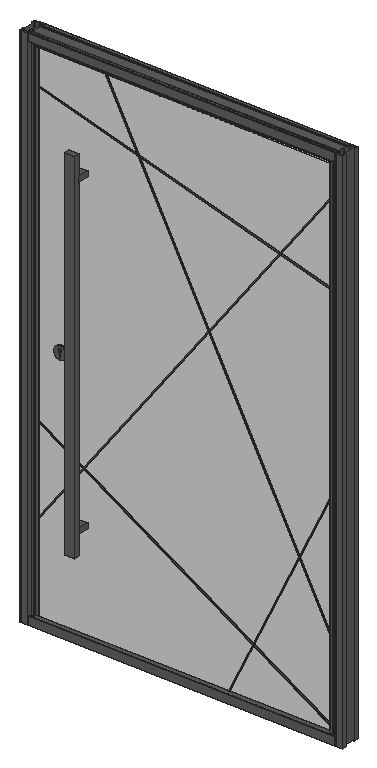
Revit family "YC1321P C2 GG RH", category Doors, host Wall, Revit 2024
Family settings
  Host = Wall
  OmniClass Number = 23.30.10.00
  OmniClass Title = Doors
  Always vertical = Yes
  Cut with Voids When Loaded = No
  Shared = No
  Room Calculation Point = No
Parameters
  Function = Interior
  Frame Projection Ext. = 25 mm
  Frame Projection Int. = 25 mm
  Frame Width = 75 mm
  Height = 2120 mm
  Wall Closure = By host
  Width = 1290 mm
  Analytic Construction = "<None>"
Reference planes
  plane 1: y = 0
  plane 2 "Center (Left/Right)": x = 0
  plane 3 "Left": x = -645
  plane 4 "Right": x = 645
  plane 5: z = 2120
  plane 6 "Exterior": y = 75
  plane 7 "Interior": y = -75
  plane 8: z = 33.5
Forms (mm)
  Sweep 1, solid, material "ALUMINIUM BLACK (TEST)"
    path origin (0, 75, 0) x (1, 0, 0) y (0, 0, 1)
      loop
        line (-601.2, 30) -> (-601.2, 2075) -> (600, 2075) -> (600, 30)
    profile origin (-0.6, 75, 2075) x (0, 0, 1) y (0, -1, 0)
      loop
        line (15, 55) -> (2.8, 55) -> (2.8, 61.5) -> (0.5, 61.5) -> (0.5, 88.5) -> (2.8, 88.5) -> (2.8, 95) -> (15, 95) -> (15, 97) -> (-0.5, 97)
        arc (-0.5, 97) -> (-1.207, 96.707) -> (-1.5, 96) r 1
        line (-1.5, 96) -> (-1.5, 93.9) -> (-0.5, 93.9) -> (-0.5, 95) -> (1, 95) -> (1, 90.5) -> (-0.5, 90.5) -> (-0.5, 91.631) -> (-1.5, 91.631) -> (-1.5, 58.369) -> (-0.5, 58.369) -> (-0.5, 59.5) -> (1, 59.5) -> (1, 55) -> (-0.5, 55) -> (-0.5, 56.1) -> (-1.5, 56.1) -> (-1.5, 54)
        arc (-1.5, 54) -> (-1.207, 53.293) -> (-0.5, 53) r 1
        line (-0.5, 53) -> (15, 53) -> (15, 55)
  Extrusion 2, solid, material "ALUMINIUM BLACK (TEST)"
    sketch origin (0, 0, 0) x (0, 1, 0) y (0, 0, 1)
      loop
        line (37.5, 2120) -> (22, 2120) -> (22, 2118.5) -> (24.5, 2118.5) -> (24.5, 2115.5) -> (-24.5, 2115.5) -> (-24.5, 2118.5) -> (-22, 2118.5) -> (-22, 2120) -> (-37.5, 2120) -> (-37.5, 2090) -> (-4.189, 2090) -> (7.651, 2090) -> (37.5, 2090) -> (37.5, 2120)
      loop
        line (32.168, 2118.2) -> (30.896, 2116.928) -> (29.5, 2118.324) -> (28, 2116.824) -> (26.3, 2118.524) -> (26.3, 2115.8)
        arc (26.3, 2115.8) -> (25.685, 2114.315) -> (24.2, 2113.7) r 2.1
        line (24.2, 2113.7) -> (-24.2, 2113.7)
        arc (-24.2, 2113.7) -> (-25.685, 2114.315) -> (-26.3, 2115.8) r 2.1
        line (-26.3, 2115.8) -> (-26.3, 2118.524) -> (-28, 2116.824) -> (-29.5, 2118.324) -> (-30.896, 2116.928) -> (-32.168, 2118.2) -> (-35.6, 2118.2) -> (-35.6, 2091.8) -> (-32.168, 2091.8) -> (-30.896, 2093.072) -> (-29.5, 2091.676) -> (-28, 2093.176) -> (-26.624, 2091.8) -> (-19.438, 2091.8) -> (26.624, 2091.8) -> (28, 2093.176) -> (29.5, 2091.676) -> (30.896, 2093.072) -> (32.168, 2091.8) -> (35.6, 2091.8) -> (35.6, 2118.2) -> (32.168, 2118.2)
      loop
        line (37.5, 0) -> (37.5, 30) -> (7.651, 30) -> (-4.189, 30) -> (-37.5, 30) -> (-37.5, 0) -> (-22, 0) -> (-22, 1.5) -> (-24.5, 1.5) -> (-24.5, 4.5) -> (24.5, 4.5) -> (24.5, 1.5) -> (22, 1.5) -> (22, 0) -> (37.5, 0)
      loop
        line (32.168, 1.8) -> (35.6, 1.8) -> (35.6, 28.2) -> (32.168, 28.2) -> (30.896, 26.928) -> (29.5, 28.324) -> (28, 26.824) -> (26.624, 28.2) -> (-19.438, 28.2) -> (-26.624, 28.2) -> (-28, 26.824) -> (-29.5, 28.324) -> (-30.896, 26.928) -> (-32.168, 28.2) -> (-35.6, 28.2) -> (-35.6, 1.8) -> (-32.168, 1.8) -> (-30.896, 3.072) -> (-29.5, 1.676) -> (-28, 3.176) -> (-26.3, 1.476) -> (-26.3, 4.2)
        arc (-26.3, 4.2) -> (-25.685, 5.685) -> (-24.2, 6.3) r 2.1
        line (-24.2, 6.3) -> (24.2, 6.3)
        arc (24.2, 6.3) -> (25.685, 5.685) -> (26.3, 4.2) r 2.1
        line (26.3, 4.2) -> (26.3, 1.476) -> (28, 3.176) -> (29.5, 1.676) -> (30.896, 3.072) -> (32.168, 1.8)
    from -615 to 615
  Extrusion 3, solid, material "ALUMINIUM BLACK (TEST)"
    sketch origin (0, 0, 30) x (1, 0, 0) y (0, 1, 0)
      loop
        arc (598.5, 21) -> (597.5, 22) -> (596.5, 21) r 1
        line (596.5, 21) -> (596.5, -21.179)
        arc (596.5, -21.179) -> (596.26, -21.76) -> (595.679, -22) r 0.821
        line (595.679, -22) -> (584.5, -22)
        arc (584.5, -22) -> (583.5, -23) -> (584.5, -24) r 1
        line (584.5, -24) -> (597.679, -24)
        arc (597.679, -24) -> (598.26, -23.76) -> (598.5, -23.179) r 0.821
        line (598.5, -23.179) -> (598.5, 21)
      loop
        arc (-599.7, -21) -> (-598.7, -22) -> (-597.7, -21) r 1
        line (-597.7, -21) -> (-597.7, 21.179)
        arc (-597.7, 21.179) -> (-597.459, 21.76) -> (-596.879, 22) r 0.821
        line (-596.879, 22) -> (-585.7, 22)
        arc (-585.7, 22) -> (-584.7, 23) -> (-585.7, 24) r 1
        line (-585.7, 24) -> (-598.879, 24)
        arc (-598.879, 24) -> (-599.459, 23.76) -> (-599.7, 23.179) r 0.821
        line (-599.7, 23.179) -> (-599.7, -21)
    from 0 to 2043.5
  Extrusion 4, solid, material "ALUMINIUM BLACK (TEST)"
    sketch origin (-25, 22, 130) x (1, 0, 0) y (0, 0, 1)
      loop
        line (620, 1939) -> (608, 1939) -> (608, -94) -> (620, -94) -> (620, 1939)
      loop
        line (-570, 1939) -> (-570, -94) -> (-558, -94) -> (-558, 1939) -> (-570, 1939)
    from 0 to 44
  Extrusion 5, solid, material "ALUMINIUM (METALLIC GREY TEST)"
    sketch origin (-25, 22, 130) x (1, 0, 0) y (0, 0, 1)
      loop
        line (608, 1939) -> (-558, 1939) -> (-558, -94) -> (608, -94) -> (608, 1939)
    from 0 to 4
  Extrusion 6, solid, material "ALUMINIUM BLACK (TEST)"
    sketch origin (-25, 22.873, 130) x (1, 0, 0) y (0, 0, 1)
      loop
        line (608, 250.74) -> (608, 259.26) -> (-285.134, 1939) -> (-289.664, 1939) -> (608, 250.74)
    from 0 to 0.873
  Extrusion 7, solid, material "ALUMINIUM BLACK (TEST)"
    sketch origin (1203.467, 22.873, 1667.12) x (-0.422618, 0, 0.906308) y (-0.906308, 0, -0.422618)
      loop
        line (501.698, 450.664) -> (507.722, 447.855) -> (-401.866, 2158.542) -> (-407.89, 2161.351) -> (501.698, 450.664)
    from 0 to 0.873
  Extrusion 8, solid, material "ALUMINIUM BLACK (TEST)"
    sketch origin (557.966, 22.873, -684.637) x (0.848048, 0, 0.529919) y (-0.529919, 0, 0.848048)
      loop
        line (414.087, 615.437) -> (416.535, 619.354) -> (-215.553, 1808.137) -> (-218, 1804.221) -> (414.087, 615.437)
    from 0 to 0.873
  Extrusion 9, solid, material "ALUMINIUM BLACK (TEST)"
    sketch origin (-648.998, 22.873, -166.515) x (0.587785, 0, -0.809017) y (0.809017, 0, 0.587785)
      loop
        line (322.274, 788.112) -> (324.89, 791.712) -> (-104.049, 1598.429) -> (-111.431, 1603.792) -> (322.274, 788.112)
    from 0 to 0.873
  Extrusion 10, solid, material "ALUMINIUM (METALLIC GREY TEST)"
    sketch origin (-25, -22, 130) x (1, 0, 0) y (0, 0, -1)
      loop
        line (608, -1939) -> (608, 94) -> (-558, 94) -> (-558, -1939) -> (608, -1939)
    from 0 to 4
  Extrusion 11, solid, material "ALUMINIUM BLACK (TEST)"
    sketch origin (-25, -22.873, 130) x (1, 0, 0) y (0, 0, -1)
      loop
        line (608, -250.74) -> (-289.664, -1939) -> (-285.134, -1939) -> (608, -259.26) -> (608, -250.74)
    from 0 to 0.873
  Extrusion 12, solid, material "ALUMINIUM BLACK (TEST)"
    sketch origin (1203.467, -22.873, 1667.12) x (-0.422618, 0, 0.906308) y (0.906308, 0, 0.422618)
      loop
        line (501.698, -450.664) -> (-407.89, -2161.351) -> (-401.866, -2158.542) -> (507.722, -447.855) -> (501.698, -450.664)
    from 0 to 0.873
  Extrusion 13, solid, material "ALUMINIUM BLACK (TEST)"
    sketch origin (557.966, -22.873, -684.637) x (0.848048, 0, 0.529919) y (0.529919, 0, -0.848048)
      loop
        line (414.087, -615.437) -> (-218, -1804.221) -> (-215.553, -1808.137) -> (416.535, -619.354) -> (414.087, -615.437)
    from 0 to 0.873
  Extrusion 14, solid, material "ALUMINIUM BLACK (TEST)"
    sketch origin (-648.998, -22.873, -166.515) x (0.587785, 0, -0.809017) y (-0.809017, 0, -0.587785)
      loop
        line (322.274, -788.112) -> (-111.431, -1603.792) -> (-104.049, -1598.429) -> (324.89, -791.712) -> (322.274, -788.112)
    from 0 to 0.873
  Extrusion 15, solid, material "ALUMINIUM BLACK (TEST)"
    sketch origin (885.466, 22.873, 859.37) x (0.681998, 0, 0.731354) y (-0.731354, 0, 0.681998)
      loop
        line (348.584, 738.63) -> (351.613, 741.454) -> (-215.101, 1807.289) -> (-218.13, 1804.465) -> (348.584, 738.63)
    from 0 to 0.873
  Extrusion 16, solid, material "ALUMINIUM BLACK (TEST)"
    sketch origin (405.722, 27.873, -123.123) x (1, 0, 0) y (0, 0, 1)
      loop
        circle (-896.954, 1135.623) r 25
    from 0 to 5
  Extrusion 17, solid, material "ALUMINIUM BLACK (TEST)"
    sketch origin (405.722, -27.873, -123.123) x (1, 0, 0) y (0, 0, -1)
      loop
        circle (-896.954, -1135.623) r 25
    from 0 to 5
  Extrusion 18, solid, material "ALUMINIUM BLACK (TEST)"
    sketch origin (-1264.348, 72.873, -21.123) x (-1, 0, 0) y (0, 0, -1)
      loop
        line (-878.538, -1720) -> (-838.538, -1720) -> (-838.538, -1700) -> (-878.538, -1700) -> (-878.538, -1720)
      loop
        line (-878.538, -440) -> (-878.538, -460) -> (-838.538, -460) -> (-838.538, -440) -> (-878.538, -440)
    from 5 to 50
  Extrusion 19, solid, material "ALUMINIUM BLACK (TEST)"
    sketch origin (14.789, 87.873, 223.877) x (1, 0, 0) y (0, 0, 1)
      loop
        line (-400.6, 115) -> (-400.6, 1555) -> (-440.6, 1555) -> (-440.6, 115) -> (-400.6, 115)
    from 0 to 20
  Extrusion 20, solid, material "ALUMINIUM BLACK (TEST)"
    sketch origin (-1264.348, -72.873, -21.123) x (-1, 0, 0) y (0, 0, 1)
      loop
        line (-878.538, 1720) -> (-878.538, 1700) -> (-838.538, 1700) -> (-838.538, 1720) -> (-878.538, 1720)
      loop
        line (-878.538, 440) -> (-838.538, 440) -> (-838.538, 460) -> (-878.538, 460) -> (-878.538, 440)
    from 5 to 50
  Extrusion 21, solid, material "ALUMINIUM BLACK (TEST)"
    sketch origin (14.789, -87.873, 223.877) x (1, 0, 0) y (0, 0, -1)
      loop
        line (-400.6, -115) -> (-440.6, -115) -> (-440.6, -1555) -> (-400.6, -1555) -> (-400.6, -115)
    from 0 to 20
  Extrusion 22, void
    sketch origin (140.5, 67.873, -123.123) x (1, 0, 0) y (0, 0, 1)
      loop
        arc (-634.732, 1122.18) -> (-631.732, 1119.18) -> (-628.732, 1122.18) r 3
        line (-628.732, 1122.18) -> (-628.732, 1136.773)
        arc (-628.732, 1136.773) -> (-631.732, 1150.865) -> (-634.732, 1136.773) r 7.365
        line (-634.732, 1136.773) -> (-634.732, 1122.18)
    from 40 to 45
  Extrusion 23, solid, material "ALUMINIUM BLACK (TEST)"
    sketch origin (885.466, -22.873, 859.37) x (0.681998, 0, 0.731354) y (0.731354, 0, -0.681998)
      loop
        line (348.584, -738.63) -> (-218.13, -1804.465) -> (-215.101, -1807.289) -> (351.613, -741.454) -> (348.584, -738.63)
    from 0 to 0.873
  Extrusion 24, void
    sketch origin (140.5, -67.873, -123.123) x (1, 0, 0) y (0, 0, -1)
      loop
        line (-634.732, -1122.18) -> (-634.732, -1136.773)
        arc (-634.732, -1136.773) -> (-631.732, -1150.865) -> (-628.732, -1136.773) r 7.365
        line (-628.732, -1136.773) -> (-628.732, -1122.18)
        arc (-628.732, -1122.18) -> (-631.732, -1119.18) -> (-634.732, -1122.18) r 3
    from 40 to 45
  Extrusion 25, solid, material "ALUMINIUM BLACK (TEST)"
    sketch origin (0, 0, 0) x (1, 0, 0) y (0, 1, 0)
      loop
        line (-645, 37.5) -> (-645, 22) -> (-643.5, 22) -> (-643.5, 24.5) -> (-640.5, 24.5) -> (-640.5, -24.5) -> (-643.5, -24.5) -> (-643.5, -22) -> (-645, -22) -> (-645, -37.5) -> (-615, -37.5) -> (-615, -17) -> (-615.993, -17) -> (-616.394, -18.496) -> (-617.6, -18.496) -> (-617.6, -0.254) -> (-616.306, -0.254) -> (-616.066, -3) -> (-615, -3) -> (-615, 37.5) -> (-645, 37.5)
      loop
        line (-616.8, 26.624) -> (-618.176, 28) -> (-616.676, 29.5) -> (-618.072, 30.896) -> (-616.8, 32.168) -> (-616.8, 35.6) -> (-643.2, 35.6) -> (-643.2, 32.168) -> (-641.928, 30.896) -> (-643.324, 29.5) -> (-641.824, 28) -> (-643.524, 26.3) -> (-640.8, 26.3)
        arc (-640.8, 26.3) -> (-639.315, 25.685) -> (-638.7, 24.2) r 2.1
        line (-638.7, 24.2) -> (-638.7, -24.2)
        arc (-638.7, -24.2) -> (-639.315, -25.685) -> (-640.8, -26.3) r 2.1
        line (-640.8, -26.3) -> (-643.524, -26.3) -> (-641.824, -28) -> (-643.324, -29.5) -> (-641.928, -30.896) -> (-643.2, -32.168) -> (-643.2, -35.6) -> (-616.8, -35.6) -> (-616.8, -32.168) -> (-618.072, -30.896) -> (-616.676, -29.5) -> (-618.176, -28) -> (-616.8, -26.624) -> (-616.8, -20.239)
        arc (-616.8, -20.239) -> (-618.596, -19.852) -> (-619.4, -18.2) r 2.1
        line (-619.4, -18.2) -> (-619.4, -0.55)
        arc (-619.4, -0.55) -> (-618.596, 1.102) -> (-616.8, 1.49) r 2.1
        line (-616.8, 1.49) -> (-616.8, 26.624)
      loop
        line (645, 37.5) -> (615, 37.5) -> (615, -3) -> (616.066, -3) -> (616.306, -0.254) -> (617.6, -0.254) -> (617.6, -18.496) -> (616.394, -18.496) -> (615.993, -17) -> (615, -17) -> (615, -37.5) -> (645, -37.5) -> (645, -22) -> (643.5, -22) -> (643.5, -24.5) -> (640.5, -24.5) -> (640.5, 24.5) -> (643.5, 24.5) -> (643.5, 22) -> (645, 22) -> (645, 37.5)
      loop
        line (616.8, 26.624) -> (616.8, 1.49)
        arc (616.8, 1.49) -> (618.596, 1.102) -> (619.4, -0.55) r 2.1
        line (619.4, -0.55) -> (619.4, -18.2)
        arc (619.4, -18.2) -> (618.596, -19.852) -> (616.8, -20.239) r 2.1
        line (616.8, -20.239) -> (616.8, -26.624) -> (618.176, -28) -> (616.676, -29.5) -> (618.072, -30.896) -> (616.8, -32.168) -> (616.8, -35.6) -> (643.2, -35.6) -> (643.2, -32.168) -> (641.928, -30.896) -> (643.324, -29.5) -> (641.824, -28) -> (643.524, -26.3) -> (640.8, -26.3)
        arc (640.8, -26.3) -> (639.315, -25.685) -> (638.7, -24.2) r 2.1
        line (638.7, -24.2) -> (638.7, 24.2)
        arc (638.7, 24.2) -> (639.315, 25.685) -> (640.8, 26.3) r 2.1
        line (640.8, 26.3) -> (643.524, 26.3) -> (641.824, 28) -> (643.324, 29.5) -> (641.928, 30.896) -> (643.2, 32.168) -> (643.2, 35.6) -> (616.8, 35.6) -> (616.8, 32.168) -> (618.072, 30.896) -> (616.676, 29.5) -> (618.176, 28) -> (616.8, 26.624)
    from 0 to 2120
Cuts and joins
  Extrusion 22 cuts Extrusion 5
  Extrusion 22 cuts Extrusion 4
  Extrusion 22, Extrusion 24 cuts Extrusion 16
  Extrusion 24 cuts Extrusion 17
Lines and regions (mm)
  Opening 1
    outline origin (-3050, -75, 0) x (1, 0, 0) y (0, 0, 1)
      loop
        line (2405, 0) -> (3695, 0) -> (3695, 2120) -> (2405, 2120) -> (2405, 0)
  model lines
    curve 1: line (-602.851, 22.5, 0) -> (602.851, 22.5, 0)
    curve 2: line (-603, -13, 0) -> (603, -13, 0)
    curve 8: line (300, -22.5, 0) -> (300, -925.5, 0)
    curve 9: arc (-603, -22.5, 0) -> (-338.517, -661.017, 0) -> (300, -925.5, 0) r 903
    curve 10: line (300, 13, 0) -> (300, 316, 0)
    curve 11: arc (300, 316, 0) -> (514.253, 227.253, 0) -> (603, 13, 0) r 303
  symbolic lines, style "Elevation Swing"
    curve 3: line (-645, -75, 1060) -> (300, -75, 2078)
    curve 4: line (-645, -75, 1060) -> (300, -75, 0)
    curve 5: line (603, -75, 1045) -> (300, -75, 2078)
    curve 6: line (603, -75, 1045) -> (300, -75, 0)
  model lines, style "Elevation Swing"
    curve 7: line (300, 0, 0) -> (300, 0, 2078)
Text (mm)
  text "Exterior" at (-2295.016, 1099.543, 0), in view "Ref. Level"
  text "Exterior" at (0, 1615.38, 3698.081), in view "Left"
  text "Exterior" at (0, 1036.032, 3874.932), in view "Right"
Dimensions and locks
  equal spacing: plane 3 "Left", plane 2 "Center (Left/Right)", plane 4 "Right"
  "Width": plane 3 "Left" to plane 4 "Right"
  "Height": plane 5 to host wall
  host wall to plane 5 = 2120 mm  (x2)
  locked: plane 6 "Exterior" to host wall
  locked: plane 7 "Interior" to host wall
  plane 3 "Left" to plane 4 "Right" = 1290 mm  (x2)
  aligned and locked: plane 3 "Left" to Opening 1 sketch curve
  aligned and locked: plane 5 to Opening 1 sketch curve  (x2)
  aligned and locked: Opening 1 sketch curve to plane 4 "Right"
  aligned and locked: Opening 1 sketch curve to level
  aligned and locked: plane 1 to host wall
Automatic sketch dimensions
  curve 7 to level = 0 mm
  plane 5 to curve 7 = 42 mm
  plane 2 "Center (Left/Right)" to curve 7 = 300 mm
  plane 3 "Left" to curve 4 = 0 mm
  curve 4 to level = 0 mm
  plane 2 "Center (Left/Right)" to curve 4 = 300 mm
  plane 5 to curve 5 = 42 mm
  plane 2 "Center (Left/Right)" to curve 5 = 300 mm
  plane 4 "Right" to curve 6 = 42 mm
  plane 8 to curve 5 = 1011.5 mm
  plane 8 to curve 4 = 1026.5 mm
  plane 2 "Center (Left/Right)" to curve 8 = 300 mm
  host wall to curve 10 = 241 mm
  plane 2 "Center (Left/Right)" to curve 10 = 300 mm
  host wall to curve 9 = 22.5 mm
  host wall to curve 8 = 850.5 mm
  curve 11 to host wall = 13 mm
  curve 2 to curve 9 = 0 mm
  curve 2 to curve 1 = 0.149 mm
  curve 1 to curve 11 = 0.149 mm
  host wall to curve 2 = 13 mm
  curve 2 to curve 11 = 0 mm
  curve 8 to curve 9 = 0 mm
  curve 10 to curve 11 = 0 mm
  Sweep 1 sketch curve to plane 3 "Left" = 43.8 mm
  plane 4 "Right" to Sweep 1 sketch curve = 45 mm
  plane 5 to Sweep 1 sketch curve = 45 mm
  Sweep 1 sketch curve to plane 8 = 3.5 mm  (x2)
  profile plane to Sweep 1 sketch curve = 1.5 mm  (x3)
  profile plane to Sweep 1 sketch curve = 0.5 mm  (x6)
  Sweep 1 sketch curve to profile plane = 0.5 mm
  Sweep 1 sketch curve to profile plane = 1 mm  (x2)
  Sweep 1 sketch curve to Sweep 1 sketch curve = 1.8 mm
  Sweep 1 sketch curve to Sweep 1 sketch curve = 2.3 mm
  Sweep 1 sketch curve to Sweep 1 sketch curve = 12.2 mm  (x2)
  plane 6 "Exterior" to Sweep 1 sketch curve = 53 mm
  Sweep 1 sketch curve to Sweep 1 sketch curve = 1 mm  (x3)
  Sweep 1 sketch curve to Sweep 1 sketch curve = 1.1 mm  (x2)
  Sweep 1 sketch curve to Sweep 1 sketch curve = 2.269 mm  (x2)
  Sweep 1 sketch curve to Sweep 1 sketch curve = 1.131 mm  (x2)
  Sweep 1 sketch curve to Sweep 1 sketch curve = 2 mm  (x2)
  Sweep 1 sketch curve to Sweep 1 sketch curve = 27 mm
  Sweep 1 sketch curve to Sweep 1 sketch curve = 6.5 mm
  Extrusion 2 sketch curve to level = 0 mm  (x2)
  plane 5 to Extrusion 2 sketch curve = 0 mm  (x2)
  host wall to Extrusion 2 sketch curve = 37.5 mm  (x2)
  Extrusion 2 sketch curve to plane 8 = 3.5 mm
  Extrusion 2 sketch curve to Extrusion 2 sketch curve = 1.9 mm  (x4)
  Extrusion 2 sketch curve to Extrusion 2 sketch curve = 3.432 mm  (x6)
  Extrusion 2 sketch curve to plane 8 = 5.3 mm  (x2)
  plane 5 to Extrusion 2 sketch curve = 3.072 mm  (x2)
  Extrusion 2 sketch curve to Extrusion 2 sketch curve = 1.272 mm  (x11)
  Extrusion 2 sketch curve to plane 8 = 6.572 mm  (x2)
  level to Extrusion 2 sketch curve = 3.072 mm  (x2)
  Extrusion 2 sketch curve to Extrusion 2 sketch curve = 1.396 mm  (x7)
  Extrusion 2 sketch curve to plane 8 = 5.176 mm  (x2)
  plane 5 to Extrusion 2 sketch curve = 1.676 mm  (x2)
  level to Extrusion 2 sketch curve = 1.676 mm  (x2)
  plane 5 to Extrusion 2 sketch curve = 3.176 mm  (x2)
  Extrusion 2 sketch curve to Extrusion 2 sketch curve = 1.5 mm  (x5)
  level to Extrusion 2 sketch curve = 3.176 mm  (x2)
  Extrusion 2 sketch curve to plane 8 = 6.676 mm  (x2)
  Extrusion 2 sketch curve to Extrusion 2 sketch curve = 1.376 mm  (x4)
  Extrusion 2 sketch curve to Extrusion 2 sketch curve = 1.7 mm  (x4)
  Extrusion 2 sketch curve to Extrusion 2 sketch curve = 1.8 mm  (x4)
  Extrusion 2 sketch curve to Extrusion 2 sketch curve = 0.3 mm  (x6)
  Extrusion 2 sketch curve to Extrusion 2 sketch curve = 2.5 mm  (x2)
  Extrusion 2 sketch curve to Extrusion 2 sketch curve = 7.186 mm  (x2)
  host wall to Extrusion 2 sketch curve = 4.189 mm  (x2)
  Extrusion 2 sketch curve to host wall = 7.651 mm  (x2)
  level to Extrusion 2 sketch curve = 1.5 mm  (x2)
  Extrusion 2 sketch curve to host wall = 22 mm  (x2)
  Extrusion 2 sketch curve to Extrusion 2 sketch curve = 2.2 mm  (x2)
  plane 5 to Extrusion 2 sketch curve = 1.476 mm
  level to Extrusion 2 sketch curve = 1.476 mm
  Extrusion 2 sketch curve to Extrusion 2 sketch curve = 18.973 mm  (x2)
  Extrusion 2 sketch curve to Extrusion 2 sketch curve = 1.024 mm
  Extrusion 2 sketch curve to Extrusion 2 sketch curve = 26.928 mm
  Extrusion 2 sketch curve to Extrusion 2 sketch curve = 1.676 mm  (x2)
  Extrusion 2 sketch curve to Extrusion 2 sketch curve = 0.124 mm  (x2)
  Extrusion 2 sketch curve to Extrusion 2 sketch curve = 3.124 mm
  plane 5 to Extrusion 2 sketch curve = 1.5 mm
  Extrusion 3 sketch curve to plane 3 "Left" = 45.3 mm
  Extrusion 3 sketch curve to Extrusion 3 sketch curve = 0.821 mm  (x4)
  Extrusion 3 sketch curve to Extrusion 3 sketch curve = 1 mm  (x4)
  Extrusion 3 sketch curve to Extrusion 3 sketch curve = 11.179 mm  (x2)
  host wall to Extrusion 3 sketch curve = 24 mm
  plane 4 "Right" to Extrusion 3 sketch curve = 60.5 mm
  host wall to Extrusion 3 sketch curve = 21 mm
  Extrusion 3 sketch curve to host wall = 21 mm
  Extrusion 3 sketch curve to host wall = 21.179 mm
  Extrusion 4 sketch curve to plane 3 "Left" = 50 mm
  plane 8 to Extrusion 4 sketch curve = 2.5 mm  (x2)
  Extrusion 4 sketch curve to Extrusion 4 sketch curve = 12 mm  (x2)
  plane 4 "Right" to Extrusion 4 sketch curve = 62 mm
  plane 5 to Extrusion 4 sketch curve = 51 mm  (x2)
  Extrusion 5 sketch curve to plane 3 "Left" = 62 mm
  plane 8 to Extrusion 5 sketch curve = 2.5 mm
  plane 4 "Right" to Extrusion 5 sketch curve = 62 mm
  plane 5 to Extrusion 5 sketch curve = 51 mm
  plane 5 to Extrusion 6 sketch curve = 51 mm
  Extrusion 6 sketch curve to plane 2 "Center (Left/Right)" = 314.664 mm
  Extrusion 6 sketch curve to Extrusion 6 sketch curve = 4.53 mm
  plane 4 "Right" to Extrusion 6 sketch curve = 62 mm
  plane 8 to Extrusion 6 sketch curve = 355.76 mm
  Extrusion 6 sketch curve to Extrusion 6 sketch curve = 8.52 mm
  Extrusion 7 sketch curve to plane 3 "Left" = 62 mm
  plane 8 to Extrusion 7 sketch curve = 350.52 mm
  Extrusion 7 sketch curve to Extrusion 7 sketch curve = 6.024 mm  (x2)
  Extrusion 7 sketch curve to Extrusion 7 sketch curve = 903.564 mm
  Extrusion 7 sketch curve to Extrusion 7 sketch curve = 2.809 mm  (x2)
  Extrusion 7 sketch curve to Extrusion 7 sketch curve = 1707.878 mm
  Extrusion 8 sketch curve to plane 3 "Left" = 62 mm
  plane 8 to Extrusion 8 sketch curve = 696.406 mm
  Extrusion 8 sketch curve to Extrusion 8 sketch curve = 2.448 mm  (x2)
  Extrusion 8 sketch curve to Extrusion 8 sketch curve = 632.088 mm
  Extrusion 8 sketch curve to Extrusion 8 sketch curve = 1184.867 mm
  Extrusion 8 sketch curve to Extrusion 8 sketch curve = 3.917 mm  (x2)
  plane 4 "Right" to Extrusion 9 sketch curve = 62 mm
  plane 8 to Extrusion 9 sketch curve = 832.82 mm
  Extrusion 9 sketch curve to Extrusion 9 sketch curve = 7.382 mm
  Extrusion 9 sketch curve to Extrusion 9 sketch curve = 426.323 mm
  Extrusion 9 sketch curve to Extrusion 9 sketch curve = 2.616 mm
  Extrusion 9 sketch curve to Extrusion 9 sketch curve = 5.363 mm
  Extrusion 9 sketch curve to Extrusion 9 sketch curve = 806.717 mm
  Extrusion 9 sketch curve to Extrusion 9 sketch curve = 3.6 mm
  Extrusion 10 sketch curve to plane 3 "Left" = 62 mm
  plane 8 to Extrusion 10 sketch curve = 2.5 mm
  plane 4 "Right" to Extrusion 10 sketch curve = 62 mm
  plane 5 to Extrusion 10 sketch curve = 51 mm
  plane 5 to Extrusion 11 sketch curve = 51 mm
  Extrusion 11 sketch curve to plane 2 "Center (Left/Right)" = 314.664 mm
  Extrusion 11 sketch curve to Extrusion 11 sketch curve = 4.53 mm
  plane 4 "Right" to Extrusion 11 sketch curve = 62 mm
  plane 8 to Extrusion 11 sketch curve = 355.76 mm
  Extrusion 11 sketch curve to Extrusion 11 sketch curve = 8.52 mm
  Extrusion 12 sketch curve to plane 3 "Left" = 62 mm
  plane 8 to Extrusion 12 sketch curve = 350.52 mm
  Extrusion 12 sketch curve to Extrusion 12 sketch curve = 6.024 mm  (x2)
  Extrusion 12 sketch curve to Extrusion 12 sketch curve = 903.564 mm
  Extrusion 12 sketch curve to Extrusion 12 sketch curve = 2.809 mm  (x2)
  Extrusion 12 sketch curve to Extrusion 12 sketch curve = 1707.878 mm
  Extrusion 13 sketch curve to plane 3 "Left" = 62 mm
  plane 8 to Extrusion 13 sketch curve = 696.406 mm
  Extrusion 13 sketch curve to Extrusion 13 sketch curve = 2.448 mm  (x2)
  Extrusion 13 sketch curve to Extrusion 13 sketch curve = 632.088 mm
  Extrusion 13 sketch curve to Extrusion 13 sketch curve = 3.917 mm  (x2)
  Extrusion 13 sketch curve to Extrusion 13 sketch curve = 1184.867 mm
  plane 4 "Right" to Extrusion 14 sketch curve = 62 mm
  plane 8 to Extrusion 14 sketch curve = 832.82 mm
  Extrusion 14 sketch curve to Extrusion 14 sketch curve = 7.382 mm
  Extrusion 14 sketch curve to Extrusion 14 sketch curve = 426.323 mm
  Extrusion 14 sketch curve to Extrusion 14 sketch curve = 2.616 mm
  Extrusion 14 sketch curve to Extrusion 14 sketch curve = 5.363 mm
  Extrusion 14 sketch curve to Extrusion 14 sketch curve = 806.717 mm
  Extrusion 14 sketch curve to Extrusion 14 sketch curve = 3.6 mm
  Extrusion 15 sketch curve to plane 3 "Left" = 62 mm
  plane 5 to Extrusion 15 sketch curve = 189.518 mm
  Extrusion 15 sketch curve to Extrusion 15 sketch curve = 3.029 mm  (x2)
  Extrusion 15 sketch curve to Extrusion 15 sketch curve = 566.714 mm
  Extrusion 15 sketch curve to Extrusion 15 sketch curve = 1063.01 mm
  Extrusion 15 sketch curve to Extrusion 15 sketch curve = 2.824 mm  (x2)
  Extrusion 16 sketch curve to plane 3 "Left" = 153.768 mm
  plane 8 to Extrusion 16 sketch curve = 979 mm
  Extrusion 17 sketch curve to plane 3 "Left" = 153.768 mm
  plane 8 to Extrusion 17 sketch curve = 979 mm
  Extrusion 18 sketch curve to plane 3 "Left" = 259.19 mm  (x2)
  Extrusion 18 sketch curve to Extrusion 18 sketch curve = 40 mm  (x2)
  plane 5 to Extrusion 18 sketch curve = 421.123 mm
  Extrusion 18 sketch curve to Extrusion 18 sketch curve = 20 mm  (x2)
  plane 8 to Extrusion 18 sketch curve = 405.377 mm
  Extrusion 19 sketch curve to plane 3 "Left" = 219.19 mm
  Extrusion 19 sketch curve to Extrusion 19 sketch curve = 40 mm
  plane 8 to Extrusion 19 sketch curve = 305.377 mm
  plane 5 to Extrusion 19 sketch curve = 341.123 mm
  Extrusion 20 sketch curve to plane 3 "Left" = 259.19 mm  (x2)
  Extrusion 20 sketch curve to Extrusion 20 sketch curve = 40 mm  (x2)
  plane 8 to Extrusion 20 sketch curve = 385.377 mm
  Extrusion 20 sketch curve to Extrusion 20 sketch curve = 20 mm  (x2)
  plane 5 to Extrusion 20 sketch curve = 441.123 mm
  Extrusion 21 sketch curve to plane 3 "Left" = 219.19 mm
  Extrusion 21 sketch curve to Extrusion 21 sketch curve = 40 mm
  plane 5 to Extrusion 21 sketch curve = 341.123 mm
  plane 8 to Extrusion 21 sketch curve = 305.377 mm
  Extrusion 22 sketch curve to plane 3 "Left" = 150.768 mm
  Extrusion 22 sketch curve to Extrusion 22 sketch curve = 3 mm  (x2)
  plane 8 to Extrusion 22 sketch curve = 965.558 mm
  Extrusion 22 sketch curve to Extrusion 22 sketch curve = 14.593 mm
  Extrusion 22 sketch curve to Extrusion 22 sketch curve = 6.726 mm
  Extrusion 23 sketch curve to plane 3 "Left" = 62 mm
  plane 5 to Extrusion 23 sketch curve = 189.518 mm
  Extrusion 23 sketch curve to Extrusion 23 sketch curve = 3.029 mm  (x2)
  Extrusion 23 sketch curve to Extrusion 23 sketch curve = 566.714 mm
  Extrusion 23 sketch curve to Extrusion 23 sketch curve = 2.824 mm  (x2)
  Extrusion 23 sketch curve to Extrusion 23 sketch curve = 1063.01 mm
  Extrusion 24 sketch curve to plane 3 "Left" = 150.768 mm
  Extrusion 24 sketch curve to Extrusion 24 sketch curve = 3 mm  (x2)
  plane 8 to Extrusion 24 sketch curve = 986.877 mm
  Extrusion 24 sketch curve to Extrusion 24 sketch curve = 6.726 mm
  Extrusion 24 sketch curve to Extrusion 24 sketch curve = 14.593 mm
  Extrusion 25 sketch curve to plane 3 "Left" = 0 mm  (x2)
  Extrusion 25 sketch curve to plane 4 "Right" = 0 mm  (x2)
  Extrusion 25 sketch curve to plane 3 "Left" = 1.476 mm  (x2)
  Extrusion 25 sketch curve to plane 3 "Left" = 1.5 mm  (x2)
  Extrusion 25 sketch curve to plane 3 "Left" = 1.676 mm  (x2)
  Extrusion 25 sketch curve to plane 3 "Left" = 1.8 mm  (x2)
  Extrusion 25 sketch curve to Extrusion 25 sketch curve = 1.272 mm  (x12)
  Extrusion 25 sketch curve to Extrusion 25 sketch curve = 1.5 mm  (x4)
  Extrusion 25 sketch curve to Extrusion 25 sketch curve = 1.024 mm  (x4)
  Extrusion 25 sketch curve to Extrusion 25 sketch curve = 0.3 mm  (x8)
  Extrusion 25 sketch curve to Extrusion 25 sketch curve = 1.8 mm  (x8)
  host wall to Extrusion 25 sketch curve = 0.55 mm  (x2)
  Extrusion 25 sketch curve to plane 3 "Left" = 25.6 mm
  Extrusion 25 sketch curve to Extrusion 25 sketch curve = 20.524 mm
  Extrusion 25 sketch curve to Extrusion 25 sketch curve = 1.224 mm
  Extrusion 25 sketch curve to Extrusion 25 sketch curve = 0.104 mm  (x4)
  Extrusion 25 sketch curve to Extrusion 25 sketch curve = 1.376 mm  (x8)
  Extrusion 25 sketch curve to Extrusion 25 sketch curve = 1.396 mm  (x6)
  Extrusion 25 sketch curve to Extrusion 25 sketch curve = 0.906 mm  (x2)
  host wall to Extrusion 25 sketch curve = 0.254 mm  (x2)
  Extrusion 25 sketch curve to Extrusion 25 sketch curve = 0.994 mm  (x2)
  Extrusion 25 sketch curve to Extrusion 25 sketch curve = 1.234 mm
  Extrusion 25 sketch curve to Extrusion 25 sketch curve = 0.401 mm  (x2)
  Extrusion 25 sketch curve to Extrusion 25 sketch curve = 30 mm
  Extrusion 25 sketch curve to Extrusion 25 sketch curve = 0 mm
  Extrusion 25 sketch curve to Extrusion 25 sketch curve = 0.993 mm
  Extrusion 25 sketch curve to Extrusion 25 sketch curve = 1.066 mm
  Extrusion 25 sketch curve to Extrusion 25 sketch curve = 0.24 mm
  Extrusion 25 sketch curve to Extrusion 25 sketch curve = 1.676 mm  (x2)
  Extrusion 25 sketch curve to Extrusion 25 sketch curve = 0.124 mm  (x4)
  plane 4 "Right" to Extrusion 25 sketch curve = 6.3 mm
  plane 4 "Right" to Extrusion 25 sketch curve = 1.676 mm  (x2)
  plane 4 "Right" to Extrusion 25 sketch curve = 1.5 mm  (x2)
  plane 4 "Right" to Extrusion 25 sketch curve = 1.476 mm  (x2)
  Extrusion 25 sketch curve to Extrusion 25 sketch curve = 2.45 mm  (x2)
  Extrusion 25 sketch curve to Extrusion 25 sketch curve = 14 mm  (x2)
  Extrusion 25 sketch curve to Extrusion 25 sketch curve = 1.2 mm  (x2)
  Extrusion 25 sketch curve to Extrusion 25 sketch curve = 0.296 mm  (x2)
  host wall to Extrusion 25 sketch curve = 22 mm  (x2)
  Extrusion 25 sketch curve to Extrusion 25 sketch curve = 2.2 mm  (x4)
  Extrusion 25 sketch curve to Extrusion 25 sketch curve = 6.385 mm  (x2)
  Extrusion 25 sketch curve to Extrusion 25 sketch curve = 1.7 mm  (x4)
  Extrusion 25 sketch curve to Extrusion 25 sketch curve = 3.432 mm  (x4)
  Extrusion 25 sketch curve to Extrusion 25 sketch curve = 1.9 mm  (x4)
  Extrusion 25 sketch curve to host wall = 22 mm  (x2)
  Extrusion 25 sketch curve to Extrusion 25 sketch curve = 2.424 mm  (x2)
  radius of Extrusion 16 sketch curve = 25 mm
  radius of Extrusion 17 sketch curve = 25 mm
